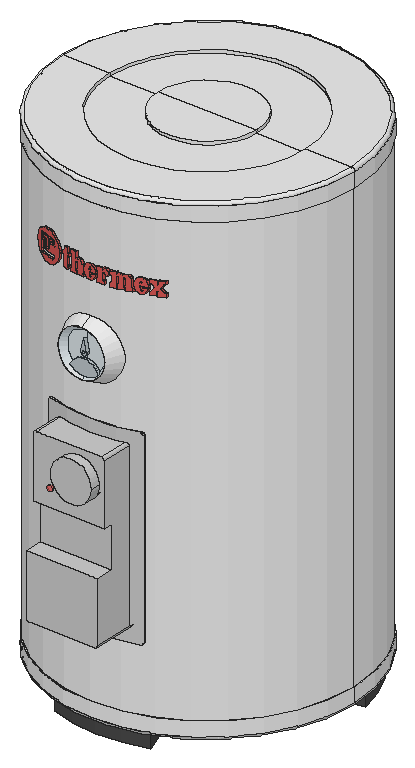
Revit family "THERMEX COMBI ER", category Оборудование, Revit 2017 (continued)
Definition of nested family "ЛОГО_220мм_для_COMBI"
  Automatic sketch dimensions
    Extrusion 2 sketch curve to Extrusion 2 sketch curve = 0.018 mm  (x2)
    Extrusion 2 sketch curve to Extrusion 2 sketch curve = 0.074 mm
    Extrusion 2 sketch curve to Extrusion 2 sketch curve = 1.231 mm
    Extrusion 2 sketch curve to Extrusion 2 sketch curve = 0.109 mm
    Extrusion 2 sketch curve to Extrusion 2 sketch curve = 3.298 mm
    plane 1 "По центру (Вперед/Назад)" to Extrusion 2 sketch curve = 4.462 mm  (x2)
    Extrusion 2 sketch curve to Extrusion 2 sketch curve = 1.669 mm
    Extrusion 2 sketch curve to Extrusion 2 sketch curve = 0.245 mm
    Extrusion 2 sketch curve to plane 1 "По центру (Вперед/Назад)" = 1.003 mm
    Extrusion 2 sketch curve to plane 1 "По центру (Вперед/Назад)" = 2.477 mm
    Extrusion 2 sketch curve to Extrusion 2 sketch curve = 1.512 mm
    Extrusion 2 sketch curve to plane 1 "По центру (Вперед/Назад)" = 2.842 mm
    Extrusion 2 sketch curve to plane 1 "По центру (Вперед/Назад)" = 3.180 mm
    Extrusion 2 sketch curve to plane 1 "По центру (Вперед/Назад)" = 3.690 mm
    Extrusion 2 sketch curve to plane 1 "По центру (Вперед/Назад)" = 3.735 mm
    Extrusion 2 sketch curve to Extrusion 2 sketch curve = 0.892 mm
    Extrusion 2 sketch curve to Extrusion 2 sketch curve = 0.146 mm
    Extrusion 2 sketch curve to plane 1 "По центру (Вперед/Назад)" = 3.885 mm
    Extrusion 2 sketch curve to plane 1 "По центру (Вперед/Назад)" = 5.294 mm
    Extrusion 2 sketch curve to Extrusion 2 sketch curve = 0.037 mm
    Extrusion 2 sketch curve to plane 1 "По центру (Вперед/Назад)" = 6.043 mm
    Extrusion 2 sketch curve to plane 1 "По центру (Вперед/Назад)" = 6.064 mm
    Extrusion 2 sketch curve to Extrusion 2 sketch curve = 5.900 mm
    Extrusion 2 sketch curve to Extrusion 2 sketch curve = 4.852 mm
    Extrusion 2 sketch curve to Extrusion 2 sketch curve = 3.340 mm
    Extrusion 2 sketch curve to plane 1 "По центру (Вперед/Назад)" = 8.773 mm
    Extrusion 2 sketch curve to Extrusion 2 sketch curve = 3.479 mm
    Extrusion 2 sketch curve to Extrusion 2 sketch curve = 4.870 mm  (x2)
    Extrusion 2 sketch curve to Extrusion 2 sketch curve = 1.920 mm
    Extrusion 2 sketch curve to Extrusion 2 sketch curve = 5.506 mm
    Extrusion 2 sketch curve to Extrusion 2 sketch curve = 5.485 mm
    Extrusion 2 sketch curve to Extrusion 2 sketch curve = 3.055 mm
    Extrusion 2 sketch curve to Extrusion 2 sketch curve = 1.215 mm
    Extrusion 2 sketch curve to Extrusion 2 sketch curve = 2.353 mm
    Extrusion 2 sketch curve to Extrusion 2 sketch curve = 5.094 mm
    Extrusion 2 sketch curve to Extrusion 2 sketch curve = 5.311 mm
    Extrusion 2 sketch curve to Extrusion 2 sketch curve = 15.387 mm
    Extrusion 2 sketch curve to Extrusion 2 sketch curve = 7.050 mm
    Extrusion 2 sketch curve to Extrusion 2 sketch curve = 2.044 mm
    Extrusion 2 sketch curve to Extrusion 2 sketch curve = 7.946 mm
    Extrusion 3 sketch curve to Extrusion 3 sketch curve = 0.001 mm
    Extrusion 3 sketch curve to Extrusion 3 sketch curve = 3.239 mm  (x2)
    plane 3 "По центру (Влево/Вправо)" to Extrusion 3 sketch curve = 0.030 mm
    Extrusion 3 sketch curve to plane 7 = 34.550 mm
    Extrusion 3 sketch curve to plane 3 "По центру (Влево/Вправо)" = 118.001 mm
    Extrusion 3 sketch curve to plane 6 = 3.050 mm
    Extrusion 3 sketch curve to Extrusion 3 sketch curve = 0.000 mm  (x2)
    plane 3 "По центру (Влево/Вправо)" to Extrusion 3 sketch curve = 118.249 mm
    plane 4 to Extrusion 3 sketch curve = 64.066 mm
    Extrusion 3 sketch curve to Extrusion 3 sketch curve = 4.899 mm
    radius of Extrusion 2 sketch curve = 26.182 mm
Definition of nested family "THERMEX_ER_COMBI_РезьбаCоCбегами_Наруж"
  Parameters (values of type "1/2"")
    Погружение = 1.000 mm  # constant formula
    Default Elevation = 0.000 mm
    Z = 5
    TM_body = none
    P = 1.814 mm
    L = Z * P + P * 1.5  # 11.791 mm
    H = P * 0.96049  # 1.742 mm
    D2/2 = D2 / 2  # 9.896 mm
    D2 = 19.793 mm
    1/2P = P / 2  # 0.907 mm
  Types (3, lengths in mm): name | Default Elevation | Z | P | L | H | D2/2 | D2 | 1/2P
    1" | 1219.200 | 4 | 2.309 | 12.700 | 2.218 | 15.885 | 31.770 | 1.155
    3/4" | 0.000 | 5 | 1.814 | 11.791 | 1.742 | 12.640 | 25.279 | 0.907
    1/2" | 0.000 | 5 | 1.814 | 11.791 | 1.742 | 9.896 | 19.793 | 0.907
  Reference planes
    plane 1 "По центру (Вперед/Назад)": y = 0
    plane 2: z = 0
    plane 3 "По центру (Влево/Вправо)": x = 0
    plane 4: x = -9.896
    plane 5 "1": z = -12.791
    plane 6 "2": z = -11.884
    plane 7: x = 9.897
    plane 8: x = -9.025
    plane 9: x = -10.768
    plane 10: x = 9.025
    plane 11: x = 10.768
    plane 12 "3": z = -10.977
    plane 13 "4": z = -10.07
    plane 14 "3A": z = -2.814
    plane 15 "2A": z = -1.907
    plane 16 "1A": z = -1
  Forms (mm)
    Extrusion 1, solid
      sketch origin (0, 0, 0) x (1, 0, 0) y (0, 1, 0)
        loop
          line (-1219.2, 1219.2) -> (-1219.2, -1219.2) -> (1219.2, -1219.2) -> (1219.2, 1219.2) -> (-1219.2, 1219.2)
      from 0 to -304.8
    SweptBlend 2, solid, material <- "TM_body"
      path origin (0, 0, -12.791) x (-1, 0, 0) y (0, -1, 0)
        loop
          arc (9.896, 0) -> (0, 9.897) -> (-9.897, 0) r 9.896
      profile origin (-9.896, 0, -12.791) x (1, 0, 0) y (0, 0, 1)
        loop
          line (0.871, 0.907) -> (0, 0) -> (0.871, 0) -> (0.871, 0.907)
      end profile origin (9.897, 0, -12.791) x (-1, 0, 0) y (0, 0, 1)
        loop
          line (0.871, 1.814) -> (-0.871, 0.907) -> (0.871, 0) -> (0.871, 1.814)
    SweptBlend 3, solid, material <- "TM_body"
      path origin (0, 0, -11.884) x (-1, 0, 0) y (0, -1, 0)
        loop
          arc (-9.897, 0) -> (0, -9.896) -> (9.896, 0) r 9.896
      profile origin (9.897, 0, -11.884) x (-1, 0, 0) y (0, 0, 1)
        loop
          line (0.871, 0.907) -> (-0.871, 0) -> (0.871, -0.907) -> (0.871, 0.907)
      end profile origin (-9.896, 0, -11.884) x (1, 0, 0) y (0, 0, 1)
        loop
          line (0.871, 1.814) -> (-0.871, 0.907) -> (0.871, 0) -> (0.871, 1.814)
    SweptBlend 4, solid, material <- "TM_body"
      path origin (0, 0, -1) x (-1, 0, 0) y (0, -1, 0)
        loop
          arc (-9.897, 0) -> (0, 9.897) -> (9.896, 0) r 9.896
      profile origin (9.897, 0, -1) x (1, 0, 0) y (0, 0, 1)
        loop
          line (-0.871, 0) -> (-0.871, -0.907) -> (0, 0) -> (-0.871, 0)
      end profile origin (-9.896, 0, -1) x (-1, 0, 0) y (0, 0, 1)
        loop
          line (-0.871, 0) -> (-0.871, -1.814) -> (0.871, -0.907) -> (-0.871, 0)
  Dimensions and locks
    equal spacing: plane 7, plane 3 "По центру (Влево/Вправо)", plane 4
    "D2": plane 7 to plane 4
    equal spacing: plane 8, plane 4, plane 9
    "H": plane 8 to plane 9
    equal spacing: plane 10, plane 3 "По центру (Влево/Вправо)", plane 8
    equal spacing: plane 11, plane 3 "По центру (Влево/Вправо)", plane 9
    "1/2P": plane 6 "2" to plane 5 "1"
    "1/2P": plane 16 "1A" to plane 15 "2A"
    "L": plane 16 "1A" to plane 5 "1"
    equal spacing: plane 16 "1A", plane 15 "2A", plane 14 "3A"
    equal spacing: plane 13 "4", plane 12 "3", plane 6 "2", plane 5 "1"
    equal spacing: group 1, group 2, group 3, group 4, group 5  (x3)
    "P": nested 2 to plane 12 "3"
    "Погружение": plane 2 to plane 16 "1A"
    "D2/2": radius of SweptBlend 3 sketch curve
    "D2/2": radius of SweptBlend 2 sketch curve
    "D2/2": radius of SweptBlend 4 sketch curve
    aligned and locked: plane 2 to Extrusion 1
    aligned and locked: level to Extrusion 1
    aligned and locked: plane 1 "По центру (Вперед/Назад)" to SweptBlend 2 sketch curve  (x2)
    aligned and locked: plane 7 to SweptBlend 2 sketch curve
    aligned and locked: plane 8 to SweptBlend 2 sketch curve
    aligned and locked: plane 6 "2" to SweptBlend 2 sketch curve  (x2)
    aligned and locked: plane 10 to SweptBlend 2 sketch curve
    aligned and locked: plane 12 "3" to SweptBlend 2 sketch curve
    aligned and locked: plane 11 to SweptBlend 2 sketch curve
    aligned and locked: SweptBlend 3 sketch curve to SweptBlend 2  (x4)
    aligned and locked: SweptBlend 2 to SweptBlend 3 sketch curve
    aligned and locked: plane 1 "По центру (Вперед/Назад)" to SweptBlend 3 sketch curve
    aligned and locked: plane 4 to SweptBlend 3 sketch curve
    aligned and locked: plane 8 to SweptBlend 3 sketch curve
    aligned and locked: plane 6 "2" to SweptBlend 3 sketch curve
    aligned and locked: plane 13 "4" to SweptBlend 3 sketch curve
    aligned and locked: SweptBlend 3 sketch curve to plane 9
    aligned and locked: plane 12 "3" to SweptBlend 3 sketch curve
    aligned and locked: plane 5 "1" to SweptBlend 2 sketch curve  (x2)
    aligned and locked: plane 3 "По центру (Влево/Вправо)" to SweptBlend 4 sketch curve
    aligned and locked: plane 1 "По центру (Вперед/Назад)" to SweptBlend 4 sketch curve  (x3)
    aligned and locked: plane 8 to SweptBlend 4 sketch curve
    aligned and locked: plane 14 "3A" to SweptBlend 4 sketch curve
    aligned and locked: plane 16 "1A" to SweptBlend 4 sketch curve  (x3)
    aligned and locked: SweptBlend 4 sketch curve to plane 9
    aligned and locked: plane 15 "2A" to SweptBlend 4 sketch curve  (x2)
    aligned and locked: plane 10 to SweptBlend 4 sketch curve
    aligned and locked: plane 7 to SweptBlend 4 sketch curve
    aligned and locked: plane 1 "По центру (Вперед/Назад)" to nested 1
    aligned and locked: plane 3 "По центру (Влево/Вправо)" to nested 1
    aligned and locked: plane 12 "3" to nested 1
  Automatic sketch dimensions
    Extrusion 1 sketch curve to Extrusion 1 sketch curve = 2438.400 mm  (x2)
    profile plane to SweptBlend 2 sketch curve = 0.000 mm
  Nested families
    nested 1: "НиткиРезьбы_для_РезьбаСоСбегами_Наруж_ER_COMBI" at (0, 0, -10.07), type "НиткиРезьбы_для_РезьбаСоСбегами_Наруж_ER_COMBI"
      with ПолД2 9.896 mm, Д2 19.793 mm
    nested 2: "НиткиРезьбы_для_РезьбаСоСбегами_Наруж_ER_COMBI" at (0, 0, -8.256), type "НиткиРезьбы_для_РезьбаСоСбегами_Наруж_ER_COMBI"
      with ПолД2 9.896 mm, Д2 19.793 mm
    nested 3: "НиткиРезьбы_для_РезьбаСоСбегами_Наруж_ER_COMBI" at (0, 0, -6.442), type "НиткиРезьбы_для_РезьбаСоСбегами_Наруж_ER_COMBI"
      with ПолД2 9.896 mm, Д2 19.793 mm
    nested 4: "НиткиРезьбы_для_РезьбаСоСбегами_Наруж_ER_COMBI" at (0, 0, -4.628), type "НиткиРезьбы_для_РезьбаСоСбегами_Наруж_ER_COMBI"
      with ПолД2 9.896 mm, Д2 19.793 mm
    nested 5: "НиткиРезьбы_для_РезьбаСоСбегами_Наруж_ER_COMBI" at (0, 0, -2.814), type "НиткиРезьбы_для_РезьбаСоСбегами_Наруж_ER_COMBI"
      with ПолД2 9.896 mm, Д2 19.793 mm
  Definition of nested family "НиткиРезьбы_для_РезьбаСоСбегами_Наруж_ER_COMBI"
    Parameters (values of type "НиткиРезьбы_для_РезьбаСоСбегами_Наруж_ER_COMBI")
      Шаг = 1.814 mm
      Профиль = Шаг * 0.96049  # 1.742 mm
      ПолШага = Шаг / 2  # 0.907 mm
      ПолД2 = Д2 / 2  # 12.640 mm
      Д2 = 25.279 mm
      TM_body = none
    Reference planes
      plane 1 "По центру (Вперед/Назад)": y = 0
      plane 2 "3": z = 0
      plane 3 "По центру (Влево/Вправо)": x = 0
      plane 4 "2": z = -0.907
      plane 5 "1": z = -1.814
      plane 6 "4": z = 0.907
      plane 7 "5": z = 1.814
      plane 8: x = -12.639
      plane 9: x = 12.639
      plane 10: x = -13.511
      plane 11: x = -11.768
      plane 12: x = 11.768
      plane 13: x = 13.511
    Forms (mm)
      SweptBlend 1, solid, material <- "TM_body"
        path origin (0, 0, -1.814) x (-1, 0, 0) y (0, -1, 0)
          loop
            arc (12.64, 0) -> (0, 12.64) -> (-12.64, 0) r 12.64
        profile origin (-12.64, 0, -1.814) x (1, 0, 0) y (0, 0, 1)
          loop
            line (0.871, 1.814) -> (-0.871, 0.907) -> (0.871, 0) -> (0.871, 1.814)
        end profile origin (12.639, 0, -1.814) x (-1, 0, 0) y (0, 0, 1)
          loop
            line (0.871, 2.721) -> (-0.871, 1.814) -> (0.871, 0.907) -> (0.871, 2.721)
      SweptBlend 2, solid, material <- "TM_body"
        path origin (0, 0, -0.907) x (-1, 0, 0) y (0, -1, 0)
          loop
            arc (-12.64, 0) -> (0, -12.64) -> (12.64, 0) r 12.64
        profile origin (12.639, 0, -0.907) x (-1, 0, 0) y (0, 0, 1)
          loop
            line (0.871, 1.814) -> (-0.871, 0.907) -> (0.871, 0) -> (0.871, 1.814)
        end profile origin (-12.64, 0, -0.907) x (1, 0, 0) y (0, 0, 1)
          loop
            line (0.871, 2.721) -> (-0.871, 1.814) -> (0.871, 0.907) -> (0.871, 2.721)
    Dimensions and locks
      equal spacing: plane 7 "5", plane 6 "4", plane 2 "3", plane 4 "2", plane 5 "1"
      "ПолШага": plane 4 "2" to plane 5 "1"
      equal spacing: plane 9, plane 3 "По центру (Влево/Вправо)", plane 8
      "Д2": plane 9 to plane 8
      equal spacing: plane 11, plane 8, plane 10
      equal spacing: plane 13, plane 9, plane 12
      "Профиль": plane 11 to plane 10
      "Профиль": plane 13 to plane 12
      "ПолД2": radius of SweptBlend 2 sketch curve
      aligned and locked: level to plane 2 "3"
      aligned and locked: plane 1 "По центру (Вперед/Назад)" to SweptBlend 1 sketch curve  (x3)
      aligned and locked: plane 3 "По центру (Влево/Вправо)" to SweptBlend 1 sketch curve
      aligned and locked: plane 8 to SweptBlend 1 sketch curve
      aligned and locked: SweptBlend 1 sketch curve to plane 11
      aligned and locked: plane 2 "3" to SweptBlend 1 sketch curve  (x2)
      aligned and locked: plane 5 "1" to SweptBlend 1 sketch curve
      aligned and locked: plane 10 to SweptBlend 1 sketch curve
      aligned and locked: plane 4 "2" to SweptBlend 1 sketch curve  (x2)
      aligned and locked: SweptBlend 1 sketch curve to plane 12
      aligned and locked: plane 6 "4" to SweptBlend 1 sketch curve
      aligned and locked: plane 13 to SweptBlend 1 sketch curve
      aligned and locked: SweptBlend 2 sketch curve to SweptBlend 1
      aligned and locked: SweptBlend 1 to SweptBlend 2 sketch curve
      aligned and locked: plane 3 "По центру (Влево/Вправо)" to SweptBlend 2 sketch curve
      aligned and locked: plane 1 "По центру (Вперед/Назад)" to SweptBlend 2 sketch curve
      aligned and locked: SweptBlend 2 sketch curve to plane 12
      aligned and locked: plane 4 "2" to SweptBlend 2 sketch curve
      aligned and locked: plane 6 "4" to SweptBlend 2 sketch curve  (x2)
      aligned and locked: plane 13 to SweptBlend 2 sketch curve
      aligned and locked: plane 2 "3" to SweptBlend 2 sketch curve  (x2)
      aligned and locked: SweptBlend 2 sketch curve to plane 11
      aligned and locked: plane 7 "5" to SweptBlend 2 sketch curve
      aligned and locked: plane 10 to SweptBlend 2 sketch curve
Types (6, lengths in mm): name | Т4 | Т3 | Т2 | Т1 | Резьба | РадТелаМинусДесять | РадТелаМинус90то | РадТела | РадФартук | РадНарВ1иТ3 | РадВнутрВ1иТ3 | Лого80 | Лого300 | Лого | ЛицоБлока | КореньБлока | ДуТ3 | ДуВ1 | ДоНижнегоДатчика | ДоВерхнегоДатчика | ДиамТела | ДиамНарВ1иТ3 | Высота | В1 | URL | H | ADSK_Позиция | ADSK_Наименование | ADSK_Масса_Текст | ADSK_Версия семейства | ADSK_Версия Revit
  300 | 961.000 | 1431.000 | 261.000 | 1161.000 | THERMEX_ER_COMBI_РезьбаCоCбегами_Наруж : 1" | 300.000 | 220.000 | 310.000 | 312.000 | 15.885 | 13.385 | ЛОГО_220мм_для_COMBI : ЛОГО_220мм_для_COMBI | ЛОГО_220мм_для_COMBI300 : ЛОГО_220мм_для_COMBI300 | ЛОГО_220мм_для_COMBI300 : ЛОГО_220мм_для_COMBI300 | 407.000 | 248.000 | 25.000 | 25.000 | 361.000 | 1061.000 | 620.000 | 31.770 | 1535.000 | 131.000 | "http://thermex.ru/catalog/seriya-combi/thermex-er-300-v-combi/" | 351.000 | "COMBI300ER" | "Водонагреватель аккумуляционный, комбинированный, V300л Thermex COMBI ER" | "101" | "01.01" | "2017"
  200 | 884.000 | 1344.000 | 234.000 | 1084.000 | THERMEX_ER_COMBI_РезьбаCоCбегами_Наруж : 3/4" | 260.000 | 180.000 | 270.000 | 272.000 | 12.640 | 10.140 | ЛОГО_220мм_для_COMBI200 : ЛОГО_220мм_для_COMBI200 | ЛОГО_220мм_для_COMBI200 : ЛОГО_220мм_для_COMBI200 | ЛОГО_220мм_для_COMBI200 : ЛОГО_220мм_для_COMBI200 | 367.000 | 208.000 | 20.000 | 20.000 | 334.000 | 984.000 | 540.000 | 25.280 | 1453.000 | 124.000 | "http://thermex.ru/catalog/seriya-combi/thermex-er-200-v-combi/" | 324.000 | "COMBI200ER" | "Водонагреватель аккумуляционный, комбинированный, V200л Thermex COMBI ER" | "73" | "" | ""
  150 | 888.000 | 1216.000 | 236.000 | 1088.000 | THERMEX_ER_COMBI_РезьбаCоCбегами_Наруж : 3/4" | 240.000 | 160.000 | 250.000 | 252.000 | 12.640 | 10.140 | ЛОГО_220мм_для_COMBI : ЛОГО_220мм_для_COMBI | ЛОГО_220мм_для_COMBI300 : ЛОГО_220мм_для_COMBI300 | ЛОГО_220мм_для_COMBI : ЛОГО_220мм_для_COMBI | 312.000 | 188.000 | 20.000 | 20.000 | 336.000 | 988.000 | 500.000 | 25.280 | 1325.000 | 126.000 | "http://thermex.ru/catalog/seriya-combi/thermex-er-150-v-combi/" | 326.000 | "COMBI150ER" | "Водонагреватель аккумуляционный, комбинированный, V150л Thermex COMBI ER" | "63" | "" | ""
  120 | 536.000 | 1008.000 | 236.000 | 736.000 | THERMEX_ER_COMBI_РезьбаCоCбегами_Наруж : 3/4" | 240.000 | 160.000 | 250.000 | 252.000 | 12.640 | 10.140 | ЛОГО_220мм_для_COMBI : ЛОГО_220мм_для_COMBI | ЛОГО_220мм_для_COMBI300 : ЛОГО_220мм_для_COMBI300 | ЛОГО_220мм_для_COMBI : ЛОГО_220мм_для_COMBI | 312.000 | 188.000 | 20.000 | 20.000 | 336.000 | 636.000 | 500.000 | 25.280 | 1116.000 | 126.000 | "http://thermex.ru/catalog/seriya-combi/thermex-er-120-v-combi/" | 326.000 | "COMBI120ER" | "Водонагреватель аккумуляционный, комбинированный, V120л Thermex COMBI ER" | "49" | "" | ""
  100 | 536.000 | 870.000 | 236.000 | 736.000 | THERMEX_ER_COMBI_РезьбаCоCбегами_Наруж : 3/4" | 240.000 | 160.000 | 250.000 | 252.000 | 12.640 | 10.140 | ЛОГО_220мм_для_COMBI : ЛОГО_220мм_для_COMBI | ЛОГО_220мм_для_COMBI300 : ЛОГО_220мм_для_COMBI300 | ЛОГО_220мм_для_COMBI : ЛОГО_220мм_для_COMBI | 312.000 | 188.000 | 20.000 | 20.000 | 336.000 | 636.000 | 500.000 | 25.280 | 978.000 | 126.000 | "http://thermex.ru/catalog/seriya-combi/thermex-er-100-v-combi/" | 326.000 | "COMBI100ER" | "Водонагреватель аккумуляционный, комбинированный, V100л Thermex COMBI ER" | "46" | "" | ""
  80 | 436.000 | 746.000 | 236.000 | 636.000 | THERMEX_ER_COMBI_РезьбаCоCбегами_Наруж : 3/4" | 240.000 | 160.000 | 250.000 | 252.000 | 12.640 | 10.140 | ЛОГО_220мм_для_COMBI : ЛОГО_220мм_для_COMBI | ЛОГО_220мм_для_COMBI300 : ЛОГО_220мм_для_COMBI300 | ЛОГО_220мм_для_COMBI : ЛОГО_220мм_для_COMBI | 312.000 | 188.000 | 20.000 | 20.000 | 336.000 | 536.000 | 500.000 | 25.280 | 850.000 | 126.000 | "http://thermex.ru/catalog/seriya-combi/thermex-er-80-v-combi/" | 326.000 | "COMBI80ER" | "Водонагреватель аккумуляционный, комбинированный, V80л Thermex COMBI ER" | "41" | "" | ""
